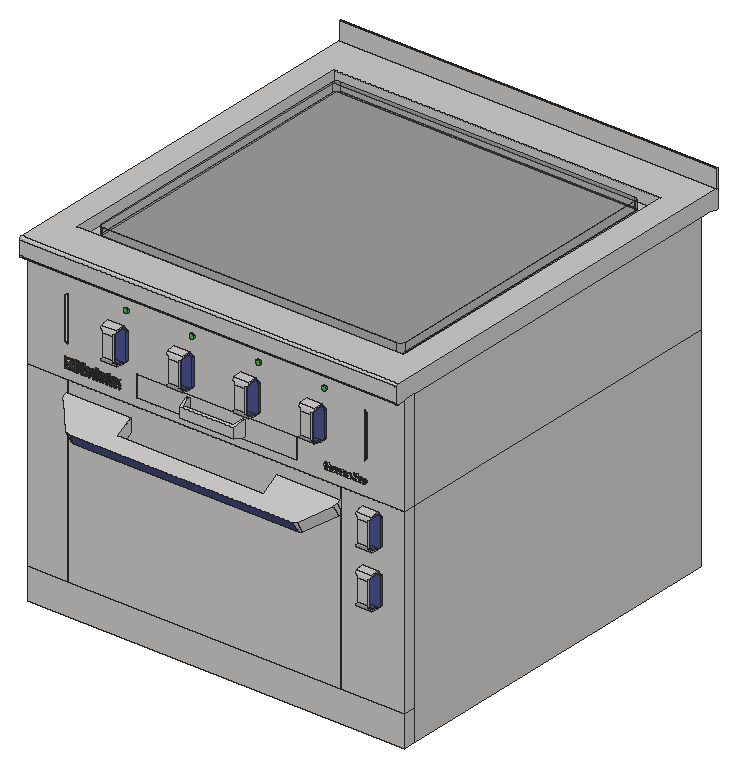
Revit family "QF_ELECTROLUXPROFESSIONAL_588696_MBTGGBH8AO", category Specialty Equipment, Revit 2023
Family settings
  Round Connector Dimension = Use Diameter
  Part Type = Normal
  Work Plane-Based = No
  Enable Cutting in Views = No
  Always vertical = Yes
  Cut with Voids When Loaded = No
  Maintain Annotation Orientation = No
  Shared = No
  Room Calculation Point = No
Parameters (values of type "Standard")
  Weight = 223.00 kg
  Watts = 0 W
  Volts = 400 V
  URL Manufacturer = "http://www.electroluxprofessional.com"
  URL = "http://www.electroluxprofessional.com"
  Steam Supply Size = 0"
  Steam Supply Minimum Pressure = 0.00 psi
  Steam Supply Maximum Pressure = 0.00 psi
  Steam Consumption per Hour = 0
  Refrigeration Suction Line Size = 0 mm
  Refrigeration Liquid Line Size = 0 mm
  Refrigerant Compressor Remote = yes
  Default Elevation = 0 mm
  Phase = 3
  Model = "MBTGGBH8AO"
  Manufacturer = "Electrolux Professional"
  Length Actual = 800 mm
  Item Number = "588696"
  Hot Water Size = 0"
  Height Actual = 700 mm
  HP = "23.2 HP"
  Gas Size = 0"
  Gas KW = 0
  Gas Input Pressure = 0.0 Btu/h
  Direct Waste Size = 0"
  Description = "EL.FREE COOK.ST.OVEN,1S,BS,800X850X700H"
  Depth Actual = 850 mm
  Cycle = 50 Hz
  Condensate Return Size = 0"
  Compressed Air Volume = 0 GPM
  Compressed Air Size = 0"
  Compressed Air Pressure = 0.00 psi
  Cold Water Size = 0"
  Accessory = no
Reference planes
  plane 1 "BACK": y = 50
  plane 2: z = 0
  plane 3 "LEFT": x = 0
  plane 4 "RIGHT": x = 800
  plane 5 "FRONT": y = -800
  plane 6 "TOP": z = 900
  plane 7 "Center (Left/Right)": x = 400
  plane 8: y = -375
  plane 9: z = 200
  plane 10: y = -150
  plane 11 "Panel": y = -755
  plane 12: z = 798
  plane 13: z = 1327
  plane 14: x = 78
  plane 15: x = 722
  plane 16: y = -100
  plane 17: y = -600
  plane 18 "EIx": x = 755
  plane 19 "EIy": y = -585
Forms (mm)
  Extrusion 1, solid, material "QF_Finishes_Stainless Steel"
    sketch origin (-178.969, -4572, 200) x (-1, 0, 0) y (0, -1, 0)
      loop
        line (-178.969, -4577) -> (-178.969, -3817) -> (-978.969, -3817) -> (-978.969, -4577) -> (-178.969, -4577)
    from 450 to 662.969
  Extrusion 2, solid, material "QF_Finishes_Stainless Steel"
    sketch origin (0, 0, 0) x (0, 1, 0) y (0, 0, 1)
      loop
        line (-755, 200) -> (-755, 265) -> (-780, 265) -> (-780, 200) -> (-755, 200)
    from 0 to 800
  Extrusion 3, solid, material "QF_Finishes_Stainless Steel"
    sketch origin (-588.969, -4562, 200) x (-1, 0, 0) y (0, -1, 0)
      loop
        circle (-1343.969, -3977) r 6.35
    from 0 to -11.851
  Extrusion 4, solid, material "QF_Finishes_Stainless Steel"
    sketch origin (400, 296.4, 1219.2) x (0, 1, 0) y (0, 0, 1)
      loop
        line (-246.4, -319.2) -> (-1091.4, -319.2)
        arc (-1091.4, -319.2) -> (-1094.935, -320.664) -> (-1096.4, -324.2) r 5
        line (-1096.4, -324.2) -> (-1096.4, -355.2)
        arc (-1096.4, -355.2) -> (-1094.971, -358.264) -> (-1091.705, -359.139) r 4
        line (-1091.705, -359.139) -> (-1076.4, -356.231) -> (-266.4, -356.231) -> (-251.094, -359.139)
        arc (-251.094, -359.139) -> (-247.829, -358.264) -> (-246.4, -355.2) r 4
        line (-246.4, -355.2) -> (-246.4, -319.2)
    from -400 to 400
  Extrusion 5, solid, material "QF_Finishes_Electrolux_Black Smoke Iluminated"
    sketch origin (0, 0, 900) x (-1, 0, 0) y (0, -1, 0)
      loop
        arc (-88, 59) -> (-80.929, 61.929) -> (-78, 69) r 10
        line (-78, 69) -> (-78, 680)
        arc (-78, 680) -> (-80.929, 687.071) -> (-88, 690) r 10
        line (-88, 690) -> (-712, 690)
        arc (-712, 690) -> (-719.071, 687.071) -> (-722, 680) r 10
        line (-722, 680) -> (-722, 69)
        arc (-722, 69) -> (-719.071, 61.929) -> (-712, 59) r 10
        line (-712, 59) -> (-88, 59)
    from 0 to -20
  Extrusion 6, solid, material "QF_Finishes_Stainless Steel"
    sketch origin (-178.969, -4572, 200) x (-1, 0, 0) y (0, -1, 0)
      loop
        line (-178.969, -4577) -> (-178.969, -3817) -> (-978.969, -3817) -> (-978.969, -4577) -> (-178.969, -4577)
    from 450 to 0
  Extrusion 7, void
    sketch origin (0, 0, 900) x (-1, 0, 0) y (0, -1, 0)
      loop
        line (-53, 715) -> (-747, 715) -> (-747, 34) -> (-53, 34) -> (-53, 715)
    from 0 to -25
  Extrusion 8, solid, material "QF_Finishes_Stainless Steel"
    sketch origin (0, 0, 900) x (-1, 0, 0) y (0, -1, 0)
      loop
        line (-82, 63) -> (-82, 686) -> (-718, 686) -> (-718, 63) -> (-82, 63)
    from -20 to -25
  Extrusion 9, solid, material "QF_Finishes_Stainless Steel"
    sketch origin (400, 296.4, 1219.2) x (0, 1, 0) y (0, 0, 1)
      loop
        line (-249.4, -319.2) -> (-246.4, -319.2) -> (-246.4, -281.2) -> (-249.4, -281.2) -> (-249.4, -319.2)
    from -400 to 400
  Extrusion 10, solid, material "QF_Finishes_Stainless Steel"
    sketch origin (0, 0, 150) x (0, 1, 0) y (0, 0, 1)
      loop
        line (-755, 50) -> (-755, 115) -> (-780, 115) -> (-780, 50) -> (-755, 50)
    from 0 to 800
Cuts and joins
  Extrusion 7 cuts Extrusion 4
Lines and regions (mm)
  symbolic lines
    curve 1: line (0, 50, 200) -> (800, 50, 200)
    curve 2: line (0, -800, 200) -> (0, 50, 200)
    curve 3: line (800, -800, 200) -> (0, -800, 200)
    curve 4: line (800, 50, 200) -> (800, -800, 200)
    curve 5: line (712, -59, 200) -> (88, -59, 200)
    curve 6: line (78, -69, 200) -> (78, -680, 200)
    curve 7: line (88, -690, 200) -> (712, -690, 200)
    curve 8: line (722, -680, 200) -> (722, -69, 200)
    curve 9: arc (88, -59, 200) -> (80.929, -61.929, 200) -> (78, -69, 200) r 10
    curve 10: arc (722, -69, 200) -> (719.071, -61.929, 200) -> (712, -59, 200) r 10
    curve 11: arc (712, -690, 200) -> (719.071, -687.071, 200) -> (722, -680, 200) r 10
    curve 12: arc (78, -680, 200) -> (80.929, -687.071, 200) -> (88, -690, 200) r 10
    curve 13: line (747, -34, 900) -> (53, -34, 900)
    curve 14: line (53, -34, 900) -> (53, -715, 900)
    curve 15: line (747, -715, 900) -> (747, -34, 900)
    curve 16: line (53, -715, 900) -> (747, -715, 900)
    curve 17: line (0, 47, 0) -> (800, 47, 0)
Dimensions and locks
  plane 3 "LEFT" to plane 4 "RIGHT" = 800 mm
  plane 5 "FRONT" to plane 1 "BACK" = 850 mm
  equal spacing: plane 3 "LEFT", plane 7 "Center (Left/Right)", plane 4 "RIGHT"
  equal spacing: plane 5 "FRONT", plane 8, plane 1 "BACK"
  plane 6 "TOP" to level = 900 mm  (x2)
  plane 9 to level = 200 mm
  plane 1 "BACK" to plane 10 to plane 11 "Panel" = 200 mm, 605 mm  (x2)
  plane 6 "TOP" to plane 9 to level = 700 mm, 200 mm
  plane 1 "BACK" to plane 5 "FRONT" = 850 mm
  plane 1 "BACK" to Extrusion 3 = 635 mm
  plane 12 to plane 9 = 598 mm
  plane 13 to plane 6 "TOP" = 427 mm
  plane 6 "TOP" to plane 12 = 102 mm
  plane 14 to plane 3 "LEFT" = 78 mm
  plane 15 to plane 4 "RIGHT" = 78 mm
  locked: plane 1 "BACK" to plane 16 at 150
  locked: plane 16 to plane 17 at 500
  plane 11 "Panel" to plane 5 "FRONT" = 45 mm
  plane 18 "EIx" to plane 4 "RIGHT" = 45 mm
  plane 19 "EIy" to plane 1 "BACK" = 635 mm
  aligned and locked: level to plane 2
  aligned and locked: Extrusion 2 to plane 4 "RIGHT"
  aligned and locked: plane 3 "LEFT" to nested 1
  aligned and locked: nested 1 to nested 4
Automatic sketch dimensions
  Extrusion 3 sketch curve to plane 18 "EIx" = 0 mm
  Extrusion 3 sketch curve to plane 19 "EIy" = 0 mm
  Extrusion 4 sketch curve to plane 5 "FRONT" = 0 mm
  Extrusion 4 sketch curve to plane 6 "TOP" = 0 mm
  Extrusion 4 sketch curve to plane 1 "BACK" = 0 mm
  Extrusion 4 sketch curve to plane 5 "FRONT" = 4 mm
  Extrusion 4 sketch curve to Extrusion 4 sketch curve = 0.695 mm
  Extrusion 4 sketch curve to plane 5 "FRONT" = 5 mm
  Extrusion 4 sketch curve to Extrusion 4 sketch curve = 15.305 mm
  plane 1 "BACK" to Extrusion 4 sketch curve = 20 mm
  plane 1 "BACK" to Extrusion 4 sketch curve = 4.695 mm
  Extrusion 4 sketch curve to Extrusion 4 sketch curve = 4 mm
  Extrusion 4 sketch curve to Extrusion 4 sketch curve = 31 mm
  Extrusion 4 sketch curve to plane 6 "TOP" = 36 mm
  Extrusion 4 sketch curve to Extrusion 4 sketch curve = 2.909 mm
  Extrusion 5 sketch curve to plane 15 = 0 mm
  Extrusion 5 sketch curve to plane 14 = 0 mm
  plane 15 to Extrusion 5 sketch curve = 10 mm  (x2)
  Extrusion 5 sketch curve to Extrusion 5 sketch curve = 10 mm  (x2)
  plane 10 to Extrusion 5 sketch curve = 91 mm
  plane 17 to Extrusion 5 sketch curve = 80 mm
  plane 18 "EIx" to Extrusion 7 sketch curve = 8 mm
  plane 14 to Extrusion 7 sketch curve = 25 mm
  plane 10 to Extrusion 7 sketch curve = 116 mm
  plane 11 "Panel" to Extrusion 7 sketch curve = 40 mm
  Extrusion 8 sketch curve to plane 14 = 4 mm
  plane 15 to Extrusion 8 sketch curve = 4 mm
  plane 17 to Extrusion 8 sketch curve = 86 mm
  plane 10 to Extrusion 8 sketch curve = 87 mm
  plane 18 "EIx" to curve 13 = 8 mm
  plane 14 to curve 14 = 25 mm
  plane 10 to curve 13 = 116 mm
  plane 11 "Panel" to curve 16 = 40 mm
  Extrusion 9 sketch curve to plane 6 "TOP" = 0 mm
  Extrusion 9 sketch curve to plane 1 "BACK" = 0 mm
  Extrusion 9 sketch curve to Extrusion 9 sketch curve = 3 mm
  Extrusion 9 sketch curve to Extrusion 9 sketch curve = 38 mm
  Extrusion 1 sketch curve to plane 4 "RIGHT" = 0 mm
  Extrusion 1 sketch curve to plane 3 "LEFT" = 0 mm
  Extrusion 1 sketch curve to plane 11 "Panel" = 0 mm
  plane 1 "BACK" to Extrusion 1 sketch curve = 45 mm
  Extrusion 2 sketch curve to plane 9 = 0 mm
  Extrusion 2 sketch curve to plane 11 "Panel" = 0 mm
  Extrusion 2 sketch curve to plane 5 "FRONT" = 20 mm
  plane 9 to Extrusion 2 sketch curve = 65 mm
  plane 1 "BACK" to curve 1 = 0 mm
  curve 1 to plane 4 "RIGHT" = 0 mm
  curve 8 to plane 15 = 0 mm
  curve 6 to plane 14 = 0 mm
  curve 2 to plane 3 "LEFT" = 0 mm
  plane 5 "FRONT" to curve 3 = 0 mm
  plane 15 to curve 5 = 10 mm
  curve 11 to curve 11 = 10 mm
  curve 5 to plane 14 = 10 mm
  curve 12 to curve 6 = 10 mm
  plane 10 to curve 5 = 91 mm
  plane 17 to curve 11 = 80 mm
  Extrusion 6 sketch curve to plane 4 "RIGHT" = 0 mm
  Extrusion 6 sketch curve to plane 3 "LEFT" = 0 mm
  Extrusion 6 sketch curve to plane 11 "Panel" = 0 mm
  plane 1 "BACK" to Extrusion 6 sketch curve = 45 mm
  Extrusion 10 sketch curve to plane 11 "Panel" = 0 mm
  Extrusion 10 sketch curve to plane 5 "FRONT" = 20 mm
  plane 9 to Extrusion 10 sketch curve = 0 mm
  Extrusion 10 sketch curve to Extrusion 10 sketch curve = 65 mm
  radius of Extrusion 3 sketch curve = 6.35 mm
Nested families
  nested 1: "Door_Panel_W800_A" at (300, -755, 0), type "Door_Panel_W800_A"
  nested 2: "FIT Range Control Handle" at (730, -783.167, -372.751), type "FIT Range Control Handle"
  nested 3: "FIT Range Control Handle" at (730, -783.167, -484.751), type "FIT Range Control Handle"
  nested 4: "Front_Panel_W800_Four Knobs_Spie" at (202.376, -755, 0), type "Front_Panel_W800_Four Knobs_Spie"
Connectors
  electrical at (755, -585, 188.149)
    settings: on Extrusion 3, index 1, voltage 400 V, apparent load 33000 VA, apparent load phase1 0 VA, apparent load phase2 0 VA, apparent load phase3 0 VA, power factor 1, load classification "Other", number of poles 1, system type 30, power factor state 1, is connector primary yes, connector utility no, sub classification motor no, connector description "ELECTRICAL CONNECTION"
Definition of nested family "Door_Panel_W800_A"
  Parameters
    Default Elevation = 0 mm
  Reference planes
    plane 1 "Center (Front/Back)": y = 0
    plane 2 "Ref. Level": z = 0
    plane 3: x = 500
    plane 4: x = -300
    plane 5 "Center (Left/Right)": x = 100
    plane 6: x = -215
    plane 7: x = 365
    plane 8 "Manopola": through (-6096, -50.059, 612.389) normal (0, -0.515, 0.8572)
    plane 9 "Top": z = 650
    plane 10: z = 265
    plane 11: z = 200
  Forms (mm)
    Extrusion 1, solid
      sketch origin (100, 0, 0) x (0, 1, 0) y (0, 0, 1)
        loop
          line (-25.03, 650) -> (-25.03, 265) -> (0, 265) -> (0, 650) -> (-25.03, 650)
      from 265 to 400
    Extrusion 2, solid
      sketch origin (100, 0, 0) x (0, 1, 0) y (0, 0, 1)
        loop
          line (-25.03, 650) -> (-25.03, 265) -> (0, 265) -> (0, 650) -> (-25.03, 650)
      from -400 to -315
    Extrusion 3, solid
      sketch origin (100, 0, 0) x (0, 1, 0) y (0, 0, 1)
        loop
          line (-25.03, 650) -> (-25.03, 265) -> (0, 265) -> (0, 650) -> (-25.03, 650)
      from -315 to 265
    Extrusion 4, solid
      sketch origin (0, -283.633, 472.044) x (0, 0.857167, 0.515038) y (-1, 0, 0)
        loop
          line (299.12, -365) -> (299.12, 215) -> (290.982, 215)
          arc (290.982, 215) -> (286.677, 214.026) -> (283.211, 211.293) r 10
          line (283.211, 211.293) -> (233.28, 170.86)
          arc (233.28, 170.86) -> (230.548, 167.394) -> (229.574, 163.089) r 10
          line (229.574, 163.089) -> (229.574, -313.089)
          arc (229.574, -313.089) -> (230.548, -317.394) -> (233.28, -320.86) r 10
          line (233.28, -320.86) -> (283.211, -361.293)
          arc (283.211, -361.293) -> (286.677, -364.026) -> (290.982, -365) r 10
          line (290.982, -365) -> (299.12, -365)
      from -27 to 0
    Extrusion 5, void
      sketch origin (100, 0, 0) x (0, 1, 0) y (0, 0, 1)
        loop
          line (-61.514, 605.507) -> (-47.608, 582.363) -> (-25.03, 595.93) -> (-25.03, 627.429) -> (-61.514, 605.507)
      from -180 to 130
    Extrusion 6, solid, detail levels coarse
      sketch origin (100, 0, 0) x (0, 1, 0) y (0, 0, 1)
        loop
          line (-25.03, 265) -> (-25.03, 650)
          arc (-25.03, 650) -> (-297.266, 537.236) -> (-410.03, 265) r 385
          line (-410.03, 265) -> (-25.03, 265)
      from -315 to 265
  Cuts and joins
    Extrusion 5 cuts Extrusion 4
    joined: Extrusion 3, Extrusion 4
  Lines and regions (mm)
    symbolic lines
      curve 1: line (-207.355, -45.043, 0) -> (-170.86, -83.673, 0)
      curve 2: line (-163.089, -86.85, 0) -> (313.089, -86.85, 0)
      curve 3: line (320.86, -83.673, 0) -> (357.355, -45.043, 0)
      curve 4: arc (-163.089, -86.85, 0) -> (-167.318, -86.101, 0) -> (-170.86, -83.673, 0) r 10.165
      curve 5: arc (313.089, -86.85, 0) -> (317.318, -86.101, 0) -> (320.86, -83.673, 0) r 10.165
      curve 6: line (-215, -45.043, 0) -> (-215, -410.03, 0)
      curve 7: line (-215, -410.03, 0) -> (365, -410.03, 0)
      curve 8: line (365, -410.03, 0) -> (365, -45.03, 0)
  Dimensions and locks
    plane 3 to plane 4 = 800 mm
    plane 4 to plane 3 = 800 mm
    equal spacing: plane 3, plane 5 "Center (Left/Right)", plane 4
    plane 6 to plane 4 = 85 mm
    plane 3 to plane 7 = 135 mm
    plane 11 to level = 200 mm
    plane 10 to plane 11 = 65 mm
    plane 10 to plane 9 "Top" = 385 mm
    plane 9 "Top" to plane 11 = 450 mm
    aligned and locked: plane 3 to Extrusion 1
    aligned and locked: cut or joined group of Extrusion 3, Extrusion 4, Extrusion 5 to plane 6
    aligned and locked: cut or joined group of Extrusion 3, Extrusion 4, Extrusion 5 to plane 7
    aligned and locked: plane 7 to Extrusion 1
    aligned and locked: plane 6 to Extrusion 2
    aligned and locked: Extrusion 2 to plane 4
    aligned and locked: plane 10 to Extrusion 2
    aligned and locked: plane 10 to cut or joined group of Extrusion 3, Extrusion 4, Extrusion 5
    aligned and locked: plane 10 to Extrusion 1
    aligned and locked: Extrusion 6 to plane 6
    aligned and locked: Extrusion 6 to plane 7
  Automatic sketch dimensions
    Extrusion 5 sketch curve to plane 8 "Manopola" = 0 mm  (x2)
    plane 1 "Center (Front/Back)" to Extrusion 5 sketch curve = 61.514 mm
    Extrusion 5 sketch curve to Extrusion 5 sketch curve = 13.906 mm
    plane 1 "Center (Front/Back)" to Extrusion 5 sketch curve = 25.03 mm
    Extrusion 4 sketch curve to plane 7 = 0 mm
    Extrusion 4 sketch curve to plane 6 = 0 mm
    plane 6 to Extrusion 4 sketch curve = 51.911 mm
    plane 7 to Extrusion 4 sketch curve = 44.14 mm
    Extrusion 4 sketch curve to Extrusion 4 sketch curve = 3.707 mm  (x2)
    plane 6 to Extrusion 4 sketch curve = 44.14 mm
    plane 7 to Extrusion 4 sketch curve = 3.707 mm
    Extrusion 4 sketch curve to Extrusion 4 sketch curve = 49.93 mm  (x2)
    plane 6 to Extrusion 4 sketch curve = 3.707 mm
    Extrusion 4 sketch curve to Extrusion 4 sketch curve = 7.771 mm  (x3)
    Extrusion 4 sketch curve to Extrusion 4 sketch curve = 8.138 mm
    Extrusion 2 sketch curve to plane 1 "Center (Front/Back)" = 0 mm
    Extrusion 3 sketch curve to plane 1 "Center (Front/Back)" = 0 mm
    Extrusion 1 sketch curve to plane 1 "Center (Front/Back)" = 0 mm
    Extrusion 2 sketch curve to plane 9 "Top" = 0 mm
    Extrusion 2 sketch curve to Extrusion 2 sketch curve = 25.03 mm
    Extrusion 3 sketch curve to plane 9 "Top" = 0 mm
    Extrusion 3 sketch curve to Extrusion 3 sketch curve = 25.03 mm
    Extrusion 1 sketch curve to plane 9 "Top" = 0 mm
    plane 1 "Center (Front/Back)" to Extrusion 1 sketch curve = 25.03 mm
    level to Extrusion 1 sketch curve = 265 mm
    level to Extrusion 2 sketch curve = 265 mm
    level to Extrusion 3 sketch curve = 265 mm
    plane 10 to Extrusion 6 sketch curve = 0 mm
    Extrusion 6 sketch curve to plane 9 "Top" = 0 mm
    plane 1 "Center (Front/Back)" to Extrusion 6 sketch curve = 25.03 mm
    curve 7 to plane 7 = 0 mm
    plane 6 to curve 1 = 44.14 mm
    curve 4 to curve 4 = 7.389 mm
    curve 4 to curve 2 = 7.771 mm
    plane 7 to curve 2 = 51.911 mm
    curve 2 to curve 5 = 0.382 mm
    curve 2 to curve 3 = 7.771 mm
    plane 1 "Center (Front/Back)" to curve 6 = 410.03 mm
    plane 1 "Center (Front/Back)" to curve 2 = 86.85 mm
    curve 2 to curve 3 = 3.177 mm
    curve 2 to curve 1 = 3.177 mm
    plane 7 to curve 3 = 7.645 mm
    plane 1 "Center (Front/Back)" to curve 3 = 45.043 mm
    curve 3 to curve 8 = 0.013 mm
    curve 7 to plane 6 = 0 mm
    curve 6 to curve 1 = 7.645 mm
    plane 1 "Center (Front/Back)" to curve 1 = 45.043 mm
    curve 6 to curve 1 = 0 mm
Definition of nested family "FIT Range Control Handle"
  Parameters
    Default Elevation = 0 mm
  Reference planes
    plane 1 "Center (Front/Back)": y = 0
    plane 2: z = 0
    plane 3 "Center (Left/Right)": x = 0
    plane 4: z = 971.092
    plane 5: y = -16.8
  Forms (mm)
    Extrusion 1, solid
      sketch origin (-746.28, 380.497, 208.931) x (-1, 0, 0) y (0, 0, 1)
        loop
          line (-770.101, 786.798) -> (-770.101, 731.649)
          arc (-770.101, 731.649) -> (-769.759, 730.563) -> (-768.855, 729.87) r 1.893
          line (-768.855, 729.87) -> (-763.474, 727.911) -> (-729.81, 727.911) -> (-724.428, 729.87)
          arc (-724.428, 729.87) -> (-723.525, 730.563) -> (-723.183, 731.649) r 1.893
          line (-723.183, 731.649) -> (-723.183, 786.798)
          arc (-723.183, 786.798) -> (-723.529, 787.894) -> (-724.44, 788.593) r 1.91
          line (-724.44, 788.593) -> (-729.683, 790.819) -> (-763.601, 790.819) -> (-768.844, 788.593)
          arc (-768.844, 788.593) -> (-769.755, 787.894) -> (-770.101, 786.798) r 1.91
      from -382.35 to -378.852
    Sweep 2, solid
      path origin (-746.788, 380.496, 208.091) x (0, -1, 0) y (0, 0, 1)
        loop
          line (379.775, 793.281) -> (395.661, 791.048)
          arc (395.661, 791.048) -> (397.781, 787.377) -> (398.517, 783.202) r 12.207
          line (398.517, 783.202) -> (398.517, 737.368)
          arc (398.517, 737.368) -> (397.781, 733.193) -> (395.661, 729.522) r 12.207
          line (395.661, 729.522) -> (379.775, 727.289)
      profile origin (-746.788, -7.222, 1000.256) x (0, -0.139173, 0.990268) y (-1, 0, 0)
        loop
          line (0.782, -763.123) -> (0.782, -730.907) -> (-1.322, -730.907) -> (-1.322, -763.123) -> (0.782, -763.123)
    Sweep 3, solid
      path origin (-746.788, 380.715, 207.832) x (0, -1, 0) y (0, 0, 1)
        loop
          line (380.478, 795.442) -> (397.218, 793.09)
          arc (397.218, 793.09) -> (399.929, 788.473) -> (400.871, 783.202) r 15.207
          line (400.871, 783.202) -> (400.871, 737.584)
          arc (400.871, 737.584) -> (399.914, 732.274) -> (397.164, 727.633) r 15.207
          line (397.164, 727.633) -> (380.601, 725.305)
      profile origin (-746.788, -8.132, 1002.099) x (0, -0.139173, 0.990268) y (-1, 0, 0)
        loop
          line (0.782, -763.123) -> (0.782, -730.907) -> (-1.322, -730.907) -> (-1.322, -763.123) -> (0.782, -763.123)
    Extrusion 4, void
      sketch origin (889.253, 220.666, 207.993) x (1, 0, 0) y (0, 0, 1)
        loop
          line (-943.038, 816.854) -> (-943.038, 703.686) -> (-899.466, 734.196) -> (-899.466, 786.344) -> (-943.038, 816.854)
      from 230.636 to 242.25
    Extrusion 5, void
      sketch origin (-888.8, 220.666, 207.993) x (-1, 0, 0) y (0, 0, -1)
        loop
          line (-943.038, -816.854) -> (-899.466, -786.344) -> (-899.466, -734.196) -> (-943.038, -703.686) -> (-943.038, -816.854)
      from 230.636 to 242.25
    Extrusion 6, solid
      sketch origin (0, 0, 0) x (1, 0, 0) y (0, 0, 1)
        loop
          circle (0, 971.092) r 7.736
      from -3.137 to -1.645
  Cuts and joins
    Extrusion 4, Extrusion 5 cuts Sweep 3
    Extrusion 4, Extrusion 5 cuts Sweep 2
    joined: Extrusion 1, Extrusion 6
  Lines and regions (mm)
    symbolic lines
      curve 1: line (-15.881, -19.189, 0) -> (-15.881, -16.8, 0)
      curve 2: line (16.334, -19.189, 0) -> (16.334, -16.8, 0)
      curve 3: spline (-15.881, -19.189, 0) -> (-15.417, -19.349, 0) -> (-14.951, -19.501, 0) -> (-14.483, -19.646, 0) -> (-14.014, -19.783, 0) -> (-13.543, -19.912, 0) -> (-13.071, -20.033, 0) -> (-12.597, -20.146, 0) -> (-12.122, -20.251, 0) -> (-11.646, -20.349, 0) -> (-11.169, -20.438, 0) -> (-10.691, -20.52, 0) -> (-10.213, -20.593, 0)
      curve 4: spline (10.666, -20.593, 0) -> (11.144, -20.52, 0) -> (11.622, -20.438, 0) -> (12.099, -20.349, 0) -> (12.575, -20.251, 0) -> (13.05, -20.146, 0) -> (13.524, -20.033, 0) -> (13.996, -19.912, 0) -> (14.467, -19.783, 0) -> (14.936, -19.646, 0) -> (15.404, -19.501, 0) -> (15.87, -19.349, 0) -> (16.334, -19.189, 0)
      curve 5: line (-10.213, -20.938, 0) -> (10.716, -20.938, 0)
  Dimensions and locks
    cut or joined group of Sweep 3, Extrusion 4, Extrusion 5 to cut or joined group of Sweep 3, Extrusion 4, Extrusion 5 = 71.686 mm
Definition of nested family "Front_Panel_W800_Four Knobs_Spie"
  Parameters
    Default Elevation = 0 mm
  Reference planes
    plane 1 "Center (Front/Back)": y = 0
    plane 2: z = 0
    plane 3 "Center (Left/Right)": x = 197.624
    plane 4 "Left": x = -202.376
    plane 5 "Right": x = 597.624
    plane 6: y = -45
    plane 7: x = -12.376
    plane 8: x = 127.624
    plane 9: y = -310
    plane 10 "Panel": y = -25
    plane 11: x = 517.624
    plane 12: x = -122.376
  Forms (mm)
    Extrusion 1, solid
      sketch origin (833.217, 829.203, -1.25) x (0, 1, 0) y (0, 0, 1)
        loop
          line (-854.203, 651.25) -> (-829.203, 651.25) -> (-829.203, 864.25) -> (-854.203, 864.25) -> (-854.203, 651.25)
      from -1035.593 to -235.593
    Extrusion 2, void
      sketch origin (0, -25, -10) x (0, 0, 1) y (-1, 0, 0)
        loop
          line (731.866, 122.376) -> (726.866, 117.376) -> (823.866, 117.376) -> (818.866, 122.376) -> (731.866, 122.376)
        loop
          line (731.866, -517.624) -> (818.866, -517.624) -> (823.866, -512.624) -> (726.866, -512.624) -> (731.866, -517.624)
      from 0 to -2
    Extrusion 3, void
      sketch origin (0, 0, 0) x (1, 0, 0) y (0, 0, 1)
        loop
          line (30.124, 711.866) -> (30.124, 666.866) -> (370.124, 666.866) -> (370.124, 711.866) -> (30.124, 711.866)
      from 19.387 to 25
    Extrusion 4, solid
      sketch origin (0, 0, 0) x (1, 0, 0) y (0, 0, 1)
        loop
          line (31.124, 710.866) -> (31.124, 667.866) -> (369.124, 667.866) -> (369.124, 710.866) -> (31.124, 710.866)
      from 19.387 to 25
    Extrusion 5, solid
      sketch origin (0, 0, 0) x (1, 0, 0) y (0, 1, 0)
        loop
          line (141.059, -25) -> (135.966, -25) -> (140.646, -49.075) -> (254.603, -49.075) -> (259.283, -25) -> (254.189, -25) -> (250.481, -44.075) -> (144.767, -44.075) -> (141.059, -25)
      from 672.593 to 705.67
    Extrusion 6, void
      sketch origin (197.624, 0, 0) x (0, 1, 0) y (0, 0, 1)
        loop
          line (-30, 705.67) -> (-30, 710.67) -> (-56.744, 710.67) -> (-56.744, 667.593) -> (-30, 667.593) -> (-30, 672.593) -> (-53.776, 680.318) -> (-53.776, 697.945) -> (-30, 705.67)
      from -70 to 70
    Extrusion 7, solid, detail levels coarse
      sketch origin (0, -265, 0) x (1, 0, 0) y (0, 1, 0)
        loop
          line (140.646, -69.075) -> (254.603, -69.075) -> (259.283, -45) -> (364.124, -45) -> (364.124, 240) -> (31.124, 240) -> (31.124, -45) -> (135.966, -45) -> (140.646, -69.075)
      from 672.593 to 705.67
    Extrusion 8, void
      sketch origin (197.624, -280, 0) x (0, 1, 0) y (0, 0, 1)
        loop
          line (-30, 705.67) -> (-30, 710.67) -> (-56.744, 710.67) -> (-56.744, 667.593) -> (-30, 667.593) -> (-30, 672.593) -> (-53.776, 680.318) -> (-53.776, 697.945) -> (-30, 705.67)
      from -70 to 70
    Extrusion 9, solid
      sketch origin (20, -25, 1.163) x (0, 0, 1) y (-1, 0, 0)
        loop
          circle (824.337, 12.376) r 5
      from 0 to 1.7
    Extrusion 10, solid
      sketch origin (160, -25, 1.163) x (0, 0, 1) y (-1, 0, 0)
        loop
          circle (824.337, 12.376) r 5
      from 0 to 1.7
    Extrusion 11, solid
      sketch origin (300.724, -25, 1.163) x (0, 0, 1) y (-1, 0, 0)
        loop
          circle (824.337, 12.376) r 5
      from 0 to 1.7
    Extrusion 12, solid
      sketch origin (440.724, -25, 1.163) x (0, 0, 1) y (-1, 0, 0)
        loop
          circle (824.337, 12.376) r 5
      from 0 to 1.7
    Extrusion 13, solid
      sketch origin (0, -25, -10) x (0, 0, 1) y (-1, 0, 0)
        loop
          line (731.866, 122.376) -> (726.866, 117.376) -> (823.866, 117.376) -> (818.866, 122.376) -> (731.866, 122.376)
        loop
          line (726.866, -512.624) -> (731.866, -517.624) -> (818.866, -517.624) -> (823.866, -512.624) -> (726.866, -512.624)
      from 0 to -2
  Cuts and joins
    Extrusion 2, Extrusion 3 cuts Extrusion 1
    Extrusion 6, Extrusion 8 cuts Extrusion 5
    Extrusion 8 cuts Extrusion 7
  Lines and regions (mm)
    symbolic lines
      curve 1: line (31.124, -45, 0) -> (31.124, -310, 0)
      curve 2: line (31.124, -310, 0) -> (364.124, -310, 0)
      curve 3: line (135.966, -310, 0) -> (140.646, -334.075, 0)
      curve 4: line (140.646, -334.075, 0) -> (254.603, -334.075, 0)
      curve 5: line (254.603, -334.075, 0) -> (259.283, -310, 0)
      curve 6: line (364.124, -310, 0) -> (364.124, -45, 0)
      curve 7: line (31.124, -300, 0) -> (364.124, -300, 0)
      curve 8: line (140.874, -309.046, 0) -> (144.767, -329.075, 0)
      curve 9: line (144.767, -329.075, 0) -> (250.481, -329.075, 0)
      curve 10: line (250.481, -329.075, 0) -> (254.375, -309.046, 0)
  Dimensions and locks
    equal spacing: plane 5 "Right", plane 3 "Center (Left/Right)", plane 4 "Left"
    plane 5 "Right" to plane 4 "Left" = 800 mm
    plane 3 "Center (Left/Right)" to plane 7 = 210 mm
    plane 3 "Center (Left/Right)" to plane 8 = 70 mm
    plane 6 to plane 9 = 265 mm
    aligned and locked: cut or joined group of Extrusion 1, Extrusion 2, Extrusion 3 to plane 4 "Left"
    aligned and locked: plane 5 "Right" to cut or joined group of Extrusion 1, Extrusion 2, Extrusion 3
  Automatic sketch dimensions
    plane 6 to curve 1 = 0 mm
    curve 1 to plane 9 = 0 mm
    plane 6 to curve 6 = 0 mm
    plane 7 to curve 1 = 43.5 mm
    plane 8 to curve 3 = 13.021 mm
    curve 3 to curve 8 = 4.122 mm
    curve 10 to plane 9 = 19.075 mm
    plane 3 "Center (Left/Right)" to curve 10 = 52.857 mm
    curve 5 to plane 9 = 24.075 mm
    curve 9 to curve 5 = 4.122 mm
    curve 4 to curve 2 = 109.521 mm
    plane 8 to curve 3 = 8.342 mm
    plane 9 to curve 8 = 0.954 mm
    curve 3 to curve 8 = 4.908 mm
    plane 9 to curve 10 = 0.954 mm
    curve 9 to curve 10 = 3.893 mm
    curve 10 to curve 5 = 4.908 mm
    plane 9 to curve 7 = 10 mm
    Extrusion 1 sketch curve to plane 10 "Panel" = 0 mm
    Extrusion 1 sketch curve to plane 1 "Center (Front/Back)" = 0 mm
    Extrusion 2 sketch curve to plane 12 = 0 mm
    Extrusion 2 sketch curve to plane 11 = 0 mm
    Extrusion 2 sketch curve to plane 11 = 5 mm
    plane 12 to Extrusion 2 sketch curve = 5 mm
    Extrusion 2 sketch curve to Extrusion 2 sketch curve = 5 mm  (x4)
    plane 7 to Extrusion 3 sketch curve = 42.5 mm
    Extrusion 3 sketch curve to plane 11 = 147.5 mm
    Extrusion 3 sketch curve to Extrusion 3 sketch curve = 45 mm
    plane 7 to Extrusion 4 sketch curve = 43.5 mm
    Extrusion 4 sketch curve to plane 11 = 148.5 mm
    Extrusion 4 sketch curve to Extrusion 4 sketch curve = 43 mm
    plane 10 "Panel" to Extrusion 5 sketch curve = 0 mm  (x2)
    plane 8 to Extrusion 5 sketch curve = 8.342 mm
    plane 6 to Extrusion 5 sketch curve = 4.075 mm
    plane 8 to Extrusion 5 sketch curve = 13.021 mm
    Extrusion 5 sketch curve to Extrusion 5 sketch curve = 5.094 mm  (x2)
    Extrusion 5 sketch curve to plane 6 = 0.925 mm
    Extrusion 5 sketch curve to Extrusion 5 sketch curve = 4.122 mm  (x2)
    plane 3 "Center (Left/Right)" to Extrusion 5 sketch curve = 52.857 mm
    Extrusion 5 sketch curve to Extrusion 5 sketch curve = 3.708 mm
    plane 6 to Extrusion 6 sketch curve = 11.744 mm
    plane 6 to Extrusion 6 sketch curve = 8.776 mm
    plane 10 "Panel" to Extrusion 6 sketch curve = 5 mm  (x2)
    Extrusion 6 sketch curve to Extrusion 6 sketch curve = 5 mm
    Extrusion 6 sketch curve to Extrusion 6 sketch curve = 12.725 mm  (x2)
    Extrusion 6 sketch curve to Extrusion 6 sketch curve = 17.627 mm
    Extrusion 6 sketch curve to Extrusion 6 sketch curve = 7.725 mm
    plane 10 "Panel" to Extrusion 7 sketch curve = 0 mm
    Extrusion 7 sketch curve to plane 9 = 0 mm  (x2)
    plane 7 to Extrusion 7 sketch curve = 43.5 mm
    plane 8 to Extrusion 7 sketch curve = 8.342 mm
    plane 8 to Extrusion 7 sketch curve = 13.021 mm
    Extrusion 7 sketch curve to plane 9 = 24.075 mm
    plane 3 "Center (Left/Right)" to Extrusion 7 sketch curve = 56.979 mm
    Extrusion 7 sketch curve to Extrusion 7 sketch curve = 4.68 mm
    Extrusion 7 sketch curve to Extrusion 7 sketch curve = 104.842 mm
    Extrusion 8 sketch curve to plane 9 = 26.744 mm
    Extrusion 8 sketch curve to plane 9 = 23.776 mm
    plane 9 to Extrusion 8 sketch curve = 0 mm  (x2)
    Extrusion 8 sketch curve to Extrusion 8 sketch curve = 5 mm
    Extrusion 8 sketch curve to Extrusion 8 sketch curve = 12.725 mm  (x2)
    Extrusion 8 sketch curve to Extrusion 8 sketch curve = 17.627 mm
    Extrusion 8 sketch curve to Extrusion 8 sketch curve = 7.725 mm
    plane 7 to Extrusion 9 sketch curve = 20 mm
    plane 8 to Extrusion 10 sketch curve = 20 mm
    plane 3 "Center (Left/Right)" to Extrusion 11 sketch curve = 90.724 mm
    Extrusion 12 sketch curve to plane 11 = 89.276 mm
    Extrusion 13 sketch curve to plane 12 = 0 mm
    Extrusion 13 sketch curve to plane 11 = 0 mm
    plane 12 to Extrusion 13 sketch curve = 5 mm
    Extrusion 13 sketch curve to Extrusion 13 sketch curve = 5 mm  (x4)
    Extrusion 13 sketch curve to plane 11 = 5 mm
    level to Extrusion 1 sketch curve = 650 mm
    Extrusion 1 sketch curve to Extrusion 1 sketch curve = 213 mm
    level to Extrusion 2 sketch curve = 716.866 mm
    Extrusion 2 sketch curve to Extrusion 2 sketch curve = 0 mm
    Extrusion 2 sketch curve to Extrusion 2 sketch curve = 87 mm  (x2)
    level to Extrusion 3 sketch curve = 666.866 mm
    level to Extrusion 4 sketch curve = 667.866 mm
    level to Extrusion 6 sketch curve = 667.593 mm
    level to Extrusion 8 sketch curve = 667.593 mm
    level to Extrusion 9 sketch curve = 825.5 mm
    level to Extrusion 10 sketch curve = 825.5 mm
    level to Extrusion 11 sketch curve = 825.5 mm
    level to Extrusion 12 sketch curve = 825.5 mm
    level to Extrusion 13 sketch curve = 716.866 mm
    Extrusion 13 sketch curve to Extrusion 13 sketch curve = 0 mm
    Extrusion 13 sketch curve to Extrusion 13 sketch curve = 87 mm  (x2)
    radius of Extrusion 9 sketch curve = 5 mm
    radius of Extrusion 10 sketch curve = 5 mm
    radius of Extrusion 11 sketch curve = 5 mm
    radius of Extrusion 12 sketch curve = 5 mm
  Nested families
    nested 1: "Range Control Handle" at (-12.376, -28.137, -209.113) x (-1, 0, 0) z (0, 0, 1), type "Range Control Handle"
    nested 2: "Range Control Handle" at (127.624, -28.137, -209.113) x (-1, 0, 0) z (0, 0, 1), type "Range Control Handle"
    nested 3: "Range Control Handle" at (407.624, -28.137, -209.113), type "Range Control Handle"
    nested 4: "Range Control Handle" at (267.624, -28.137, -209.113), type "Range Control Handle"
    nested 5: "ELX_ThermaLine_Small" at (468.838, -25, 679.426) x (1, 0, 0) z (0, -1, 0), type "ELX_ThermaLine_Small"
      with Show Logo yes, Material_Logo none
    nested 6: "ELX_Professional_Logo_Small" at (-62.89, -25, 681.659) x (1, 0, 0) z (0, -1, 0), type "ELX_Professional_Logo_Small"
      with Show Logo yes, Material_Logo none
  Definition of nested family "Range Control Handle"
    Parameters
      Default Elevation = 0 mm
    Reference planes
      plane 1 "Center (Front/Back)": y = 0
      plane 2: z = 0
      plane 3 "Center (Left/Right)": x = 0
      plane 4: z = 971.092
      plane 5: y = -16.9
    Forms (mm)
      Extrusion 1, solid
        sketch origin (-746.28, 380.497, 208.931) x (-1, 0, 0) y (0, 0, 1)
          loop
            line (-770.101, 786.798) -> (-770.101, 731.649)
            arc (-770.101, 731.649) -> (-769.759, 730.563) -> (-768.855, 729.87) r 1.893
            line (-768.855, 729.87) -> (-763.474, 727.911) -> (-729.81, 727.911) -> (-724.428, 729.87)
            arc (-724.428, 729.87) -> (-723.525, 730.563) -> (-723.183, 731.649) r 1.893
            line (-723.183, 731.649) -> (-723.183, 786.798)
            arc (-723.183, 786.798) -> (-723.529, 787.894) -> (-724.44, 788.593) r 1.91
            line (-724.44, 788.593) -> (-729.683, 790.819) -> (-763.601, 790.819) -> (-768.844, 788.593)
            arc (-768.844, 788.593) -> (-769.755, 787.894) -> (-770.101, 786.798) r 1.91
        from -382.35 to -378.852
      Sweep 2, solid
        path origin (-746.788, 380.496, 208.091) x (0, -1, 0) y (0, 0, 1)
          loop
            line (379.775, 793.281) -> (395.661, 791.048)
            arc (395.661, 791.048) -> (397.781, 787.377) -> (398.517, 783.202) r 12.207
            line (398.517, 783.202) -> (398.517, 737.368)
            arc (398.517, 737.368) -> (397.781, 733.193) -> (395.661, 729.522) r 12.207
            line (395.661, 729.522) -> (379.775, 727.289)
        profile origin (-746.788, -7.222, 1000.256) x (0, -0.139173, 0.990268) y (-1, 0, 0)
          loop
            line (0.782, -763.123) -> (0.782, -730.907) -> (-1.322, -730.907) -> (-1.322, -763.123) -> (0.782, -763.123)
      Sweep 3, solid
        path origin (-746.788, 380.715, 207.832) x (0, -1, 0) y (0, 0, 1)
          loop
            line (380.478, 795.442) -> (397.218, 793.09)
            arc (397.218, 793.09) -> (399.929, 788.473) -> (400.871, 783.202) r 15.207
            line (400.871, 783.202) -> (400.871, 737.584)
            arc (400.871, 737.584) -> (399.914, 732.274) -> (397.164, 727.633) r 15.207
            line (397.164, 727.633) -> (380.601, 725.305)
        profile origin (-746.788, -8.132, 1002.099) x (0, -0.139173, 0.990268) y (-1, 0, 0)
          loop
            line (0.782, -763.123) -> (0.782, -730.907) -> (-1.322, -730.907) -> (-1.322, -763.123) -> (0.782, -763.123)
      Extrusion 4, void
        sketch origin (889.253, 220.666, 207.993) x (1, 0, 0) y (0, 0, 1)
          loop
            line (-943.038, 816.854) -> (-943.038, 703.686) -> (-899.466, 734.196) -> (-899.466, 786.344) -> (-943.038, 816.854)
        from 230.636 to 242.25
      Extrusion 5, void
        sketch origin (-888.8, 220.666, 207.993) x (-1, 0, 0) y (0, 0, -1)
          loop
            line (-943.038, -816.854) -> (-899.466, -786.344) -> (-899.466, -734.196) -> (-943.038, -703.686) -> (-943.038, -816.854)
        from 230.636 to 242.25
      Extrusion 6, solid
        sketch origin (0, 0, 0) x (1, 0, 0) y (0, 0, 1)
          loop
            circle (0, 971.092) r 7.736
        from -3.137 to -1.645
    Cuts and joins
      Extrusion 4, Extrusion 5 cuts Sweep 3
      Extrusion 4, Extrusion 5 cuts Sweep 2
      joined: Extrusion 1, Extrusion 6
    Lines and regions (mm)
      symbolic lines
        curve 1: line (16.334, -16.9, 0) -> (16.334, -19.227, 0)
        curve 2: spline (16.334, -19.227, 0) -> (15.87, -19.385, 0) -> (15.404, -19.536, 0) -> (14.936, -19.678, 0) -> (14.466, -19.813, 0) -> (13.995, -19.94, 0) -> (13.523, -20.059, 0) -> (13.049, -20.171, 0) -> (12.575, -20.274, 0) -> (12.099, -20.37, 0) -> (11.622, -20.458, 0) -> (11.144, -20.537, 0) -> (10.666, -20.609, 0)
        curve 3: line (10.666, -16.9, 0) -> (10.666, -20.938, 0)
        curve 4: line (-10.213, -20.938, 0) -> (10.666, -20.938, 0)
        curve 5: line (-10.213, -20.938, 0) -> (-10.213, -16.9, 0)
        curve 6: spline (-10.213, -20.609, 0) -> (-10.691, -20.537, 0) -> (-11.169, -20.458, 0) -> (-11.646, -20.37, 0) -> (-12.122, -20.274, 0) -> (-12.597, -20.171, 0) -> (-13.07, -20.059, 0) -> (-13.542, -19.94, 0) -> (-14.013, -19.813, 0) -> (-14.483, -19.678, 0) -> (-14.951, -19.536, 0) -> (-15.417, -19.385, 0) -> (-15.881, -19.227, 0)
        curve 7: line (-15.881, -19.227, 0) -> (-15.881, -16.9, 0)
  Definition of nested family "ELX_ThermaLine_Small"
    Parameters
      Show Logo [instance] = yes
      Material_Logo [instance] = none
      Default Elevation = 0 mm
    Reference planes
      plane 1 "Centro (Fronte/Retro)": y = 0
      plane 2: z = 0
      plane 3 "Centro (Sinistra/Destra)": x = 0
    Forms (mm)
      Extrusion 1, solid
        sketch origin (0, 0, 0) x (1, 0, 0) y (0, 1, 0)
          loop
            line (-1219.2, 1219.2) -> (-1219.2, -1219.2) -> (1219.2, -1219.2) -> (1219.2, 1219.2) -> (-1219.2, 1219.2)
        from 0 to -304.8
      Extrusion 2, solid
        sketch origin (0, 0, 0) x (1, 0, 0) y (0, 1, 0)
          loop
            line (-37.494, 1.229) -> (-35.908, 1.229) -> (-35.908, 3.066) -> (-37.494, 3.066) -> (-37.494, 6.221) -> (-39.867, 4.881) -> (-39.867, 3.066) -> (-40.969, 3.066) -> (-40.969, 1.229) -> (-39.867, 1.229) -> (-39.867, -3.407)
            arc (-39.867, -3.407) -> (-38.982, -5.513) -> (-36.751, -6.001) r 2.478
            line (-36.751, -6.001) -> (-35.638, -5.7) -> (-35.9, -3.835) -> (-36.661, -4.039)
            arc (-36.661, -4.039) -> (-37.236, -3.924) -> (-37.494, -3.399) r 0.662
            line (-37.494, -3.399) -> (-37.494, 1.229)
          loop
            line (-34.242, 6.539) -> (-34.242, -5.848) -> (-31.854, -5.848) -> (-31.854, -0.078)
            arc (-31.854, -0.078) -> (-30.939, 1.249) -> (-29.33, 1.367) r 1.866
            arc (-29.33, 1.367) -> (-28.695, 0.768) -> (-28.461, -0.073) r 1.627
            line (-28.461, -0.073) -> (-28.461, -5.848) -> (-26.086, -5.848) -> (-26.064, -0.46)
            arc (-26.064, -0.46) -> (-26.261, 0.932) -> (-26.786, 2.237) r 5.825
            arc (-26.786, 2.237) -> (-29.381, 3.264) -> (-31.854, 1.971) r 3.353
            line (-31.854, 1.971) -> (-31.854, 6.539) -> (-34.242, 6.539)
          loop
            arc (-18.398, -0.598) -> (-18.893, 0.879) -> (-20.326, 1.487) r 1.897
            arc (-20.326, 1.487) -> (-21.461, 0.708) -> (-21.897, -0.598) r 2.164
            line (-21.897, -0.598) -> (-18.398, -0.598)
          loop
            arc (-16.021, -2.044) -> (-16.754, 1.227) -> (-19.444, 3.226) r 4.814
            arc (-19.444, 3.226) -> (-22.137, 2.788) -> (-23.943, 0.743) r 4.054
            arc (-23.943, 0.743) -> (-24.382, -1.249) -> (-24.162, -3.276) r 6.289
            arc (-24.162, -3.276) -> (-23.302, -4.71) -> (-21.958, -5.705) r 4.28
            arc (-21.958, -5.705) -> (-18.558, -5.814) -> (-16.152, -3.409) r 4.28
            line (-16.152, -3.409) -> (-18.5, -2.995)
            arc (-18.5, -2.995) -> (-19.273, -3.994) -> (-20.533, -4.076) r 1.536
            arc (-20.533, -4.076) -> (-21.56, -3.281) -> (-21.958, -2.044) r 2.197
            line (-21.958, -2.044) -> (-16.021, -2.044)
          loop
            line (-14.165, -5.848) -> (-11.819, -5.848) -> (-11.819, -2.138)
            arc (-11.819, -2.138) -> (-11.787, -1.156) -> (-11.637, -0.185) r 8.18
            arc (-11.637, -0.185) -> (-10.644, 0.972) -> (-9.132, 0.776) r 1.603
            line (-9.132, 0.776) -> (-8.419, 2.846)
            arc (-8.419, 2.846) -> (-10.432, 3.118) -> (-11.994, 1.821) r 2.527
            line (-11.994, 1.821) -> (-11.994, 3.094) -> (-14.165, 3.094) -> (-14.165, -5.848)
          loop
            line (-7.579, 3.094) -> (-7.579, -5.848) -> (-5.178, -5.848) -> (-5.178, -0.756)
            arc (-5.178, -0.756) -> (-4.727, 0.679) -> (-3.417, 1.419) r 2.05
            arc (-3.417, 1.419) -> (-2.499, 0.908) -> (-2.155, -0.085) r 1.471
            line (-2.155, -0.085) -> (-2.155, -5.848) -> (0.23, -5.848) -> (0.23, -1.001)
            arc (0.23, -1.001) -> (0.47, 0.127) -> (1.148, 1.061) r 2.775
            arc (1.148, 1.061) -> (2.225, 1.329) -> (3.05, 0.587) r 1.182
            arc (3.05, 0.587) -> (3.199, -0.019) -> (3.214, -0.642) r 2.894
            line (3.214, -0.642) -> (3.214, -5.848) -> (5.601, -5.848) -> (5.601, 0.261)
            arc (5.601, 0.261) -> (4.87, 2.263) -> (2.976, 3.241) r 2.932
            arc (2.976, 3.241) -> (1.284, 2.973) -> (-0.047, 1.896) r 3.309
            arc (-0.047, 1.896) -> (-1.116, 2.865) -> (-2.506, 3.258) r 3.16
            arc (-2.506, 3.258) -> (-4.105, 2.942) -> (-5.376, 1.92) r 3.419
            line (-5.376, 1.92) -> (-5.376, 3.094) -> (-7.579, 3.094)
          loop
            line (7.583, 0.738) -> (9.702, 0.364)
            arc (9.702, 0.364) -> (11.441, 1.492) -> (12.855, -0.023) r 1.613
            line (12.855, -0.023) -> (9.782, -0.789)
            arc (9.782, -0.789) -> (8.559, -1.346) -> (7.617, -2.305) r 3.687
            arc (7.617, -2.305) -> (7.499, -3.681) -> (7.901, -5.003) r 3.651
            arc (7.901, -5.003) -> (9.107, -5.766) -> (10.515, -6.006) r 3.635
            arc (10.515, -6.006) -> (11.898, -5.697) -> (13.067, -4.895) r 3.734
            line (13.067, -4.895) -> (13.376, -5.848) -> (15.75, -5.848) -> (15.212, -4.193) -> (15.212, 0.38)
            arc (15.212, 0.38) -> (14.897, 1.849) -> (13.818, 2.895) r 2.585
            arc (13.818, 2.895) -> (11.792, 3.442) -> (9.719, 3.11) r 5.005
            arc (9.719, 3.11) -> (8.369, 2.178) -> (7.583, 0.738) r 3.54
          loop
            line (19.723, -5.848) -> (22.233, -5.848) -> (24.854, 6.484) -> (22.345, 6.484) -> (19.723, -5.848)
          loop
            line (24.583, -5.848) -> (26.953, -5.848) -> (28.848, 3.066) -> (26.478, 3.066) -> (24.583, -5.848)
          loop
            line (27.204, 6.484) -> (26.741, 4.305) -> (29.111, 4.305) -> (29.575, 6.484) -> (27.204, 6.484)
          loop
            line (29.355, -5.848) -> (31.849, -5.848) -> (33.098, 0.028)
            arc (33.098, 0.028) -> (34.169, 1.306) -> (35.832, 1.422) r 2.132
            arc (35.832, 1.422) -> (36.324, 0.752) -> (36.383, -0.078) r 1.5
            line (36.383, -0.078) -> (35.157, -5.848) -> (37.536, -5.848) -> (38.936, 0.738)
            arc (38.936, 0.738) -> (38.775, 2.091) -> (37.825, 3.066) r 2.118
            arc (37.825, 3.066) -> (35.392, 3.175) -> (33.295, 1.937) r 4.271
            line (33.295, 1.937) -> (33.535, 3.066) -> (31.25, 3.066) -> (29.355, -5.848)
          loop
            line (42.792, -0.64) -> (46.589, -0.64)
            arc (46.589, -0.64) -> (46.639, 0.124) -> (46.327, 0.823) r 1.589
            arc (46.327, 0.823) -> (45.117, 1.521) -> (43.762, 1.183) r 1.865
            arc (43.762, 1.183) -> (43.141, 0.344) -> (42.792, -0.64) r 3.538
          loop
            line (42.565, -2.138) -> (48.593, -2.138)
            arc (48.593, -2.138) -> (48.58, 0.597) -> (46.983, 2.818) r 4.494
            arc (46.983, 2.818) -> (44.191, 3.28) -> (41.725, 1.891) r 4.26
            arc (41.725, 1.891) -> (40.503, -0.3) -> (40.284, -2.799) r 6.003
            arc (40.284, -2.799) -> (40.959, -4.468) -> (42.377, -5.576) r 3.482
            arc (42.377, -5.576) -> (44.265, -5.961) -> (46.152, -5.576) r 4.823
            arc (46.152, -5.576) -> (47.432, -4.731) -> (48.328, -3.485) r 4.245
            line (48.328, -3.485) -> (46.168, -3.105)
            arc (46.168, -3.105) -> (45.214, -4.072) -> (43.859, -4.181) r 1.953
            arc (43.859, -4.181) -> (42.821, -3.408) -> (42.565, -2.138) r 1.81
          loop
            line (12.868, -1.553) -> (10.216, -2.214)
            arc (10.216, -2.214) -> (9.747, -3.136) -> (10.216, -4.058) r 1.14
            arc (10.216, -4.058) -> (11.537, -4.249) -> (12.614, -3.46) r 1.763
            arc (12.614, -3.46) -> (12.858, -2.522) -> (12.868, -1.553) r 3.97
        from 0 to 1.6
    Dimensions and locks
      aligned and locked: plane 2 to Extrusion 1
      aligned and locked: level to Extrusion 1
  Definition of nested family "ELX_Professional_Logo_Small"
    Parameters
      Show Logo [instance] = yes
      Material_Logo [instance] = none
      Default Elevation = 0 mm
    Reference planes
      plane 1 "Centro (Fronte/Retro)": y = 0
      plane 2: z = 0
      plane 3 "Centro (Sinistra/Destra)": x = 0
    Forms (mm)
      Extrusion 1, solid
        sketch origin (0, 0, 0) x (1, 0, 0) y (0, 1, 0)
          loop
            line (-1219.2, 1219.2) -> (-1219.2, -1219.2) -> (1219.2, -1219.2) -> (1219.2, 1219.2) -> (-1219.2, 1219.2)
        from 0 to -304.8
      Extrusion 2, solid, material <- "Material_Logo"
        sketch origin (15.5, 0, 0) x (1, 0, 0) y (0, 1, 0)
          loop
            spline (-42.99, -1.24) -> (-43.195, -1.231) -> (-43.415, -1.203) -> (-43.642, -1.152) -> (-43.87, -1.074) -> (-44.095, -0.966) -> (-44.309, -0.825) -> (-44.506, -0.647) -> (-44.681, -0.429) -> (-44.828, -0.167) -> (-44.94, 0.142) -> (-45.011, 0.501) -> (-45.037, 0.915)
            line (-45.037, 0.915) -> (-45.037, 2.748) -> (-38.984, 2.748) -> (-38.984, 5.086) -> (-45.038, 5.086) -> (-45.038, 8.489) -> (-38.599, 8.489) -> (-38.599, 10.82) -> (-47.515, 10.82) -> (-47.515, 1.021)
            spline (-47.515, 1.021) -> (-47.493, 0.418) -> (-47.425, -0.15) -> (-47.311, -0.682) -> (-47.15, -1.175) -> (-46.939, -1.628) -> (-46.678, -2.038) -> (-46.365, -2.404) -> (-46, -2.723) -> (-45.58, -2.995) -> (-45.105, -3.216) -> (-44.573, -3.385) -> (-43.983, -3.499)
            line (-43.983, -3.499) -> (-43.01, -3.569) -> (-38.426, -3.569) -> (-38.426, -1.24) -> (-42.99, -1.24)
          loop
            line (-36.666, 4.021) -> (-36.666, -3.573) -> (-34.188, -3.573) -> (-34.188, 10.824) -> (-36.666, 10.824) -> (-36.666, 4.021)
          loop
            spline (-21.915, 1.897) -> (-21.957, 2.615) -> (-22.082, 3.303) -> (-22.285, 3.955) -> (-22.563, 4.564) -> (-22.913, 5.124) -> (-23.331, 5.629) -> (-23.814, 6.074) -> (-24.359, 6.451) -> (-24.961, 6.755) -> (-25.618, 6.98) -> (-26.326, 7.119) -> (-27.081, 7.167)
            spline (-27.081, 7.167) -> (-27.853, 7.122) -> (-28.586, 6.99) -> (-29.275, 6.774) -> (-29.915, 6.478) -> (-30.5, 6.104) -> (-31.024, 5.657) -> (-31.483, 5.138) -> (-31.871, 4.553) -> (-32.182, 3.904) -> (-32.411, 3.194) -> (-32.552, 2.427) -> (-32.6, 1.606)
            spline (-32.6, 1.606) -> (-32.553, 0.805) -> (-32.416, 0.057) -> (-32.193, -0.637) -> (-31.887, -1.271) -> (-31.504, -1.843) -> (-31.048, -2.35) -> (-30.523, -2.788) -> (-29.934, -3.154) -> (-29.284, -3.444) -> (-28.579, -3.656) -> (-27.822, -3.785) -> (-27.019, -3.829)
            spline (-27.019, -3.829) -> (-26.627, -3.82) -> (-26.239, -3.79) -> (-25.856, -3.739) -> (-25.477, -3.663) -> (-25.103, -3.562) -> (-24.734, -3.432) -> (-24.369, -3.273) -> (-24.01, -3.082) -> (-23.655, -2.858) -> (-23.305, -2.597) -> (-22.96, -2.299) -> (-22.621, -1.962)
            line (-22.621, -1.962) -> (-24.114, -0.509)
            spline (-24.114, -0.509) -> (-24.311, -0.699) -> (-24.509, -0.872) -> (-24.71, -1.03) -> (-24.915, -1.172) -> (-25.126, -1.297) -> (-25.346, -1.407) -> (-25.576, -1.5) -> (-25.817, -1.576) -> (-26.072, -1.636) -> (-26.342, -1.678) -> (-26.629, -1.704) -> (-26.936, -1.713)
            spline (-26.936, -1.713) -> (-27.384, -1.691) -> (-27.805, -1.625) -> (-28.196, -1.518) -> (-28.556, -1.372) -> (-28.882, -1.187) -> (-29.174, -0.966) -> (-29.429, -0.71) -> (-29.645, -0.422) -> (-29.821, -0.102) -> (-29.955, 0.247) -> (-30.045, 0.623) -> (-30.089, 1.026)
            line (-30.089, 1.026) -> (-21.956, 1.026) -> (-21.915, 1.897)
          loop
            spline (-24.446, 2.769) -> (-24.47, 3.075) -> (-24.54, 3.37) -> (-24.654, 3.65) -> (-24.807, 3.913) -> (-24.996, 4.156) -> (-25.219, 4.376) -> (-25.472, 4.57) -> (-25.753, 4.736) -> (-26.057, 4.869) -> (-26.382, 4.968) -> (-26.724, 5.03) -> (-27.081, 5.051)
            spline (-27.081, 5.051) -> (-27.464, 5.03) -> (-27.832, 4.97) -> (-28.183, 4.872) -> (-28.513, 4.74) -> (-28.819, 4.577) -> (-29.099, 4.384) -> (-29.347, 4.165) -> (-29.563, 3.923) -> (-29.742, 3.659) -> (-29.881, 3.377) -> (-29.977, 3.079) -> (-30.027, 2.769)
            line (-30.027, 2.769) -> (-24.446, 2.769)
          loop
            spline (-18.167, 1.669) -> (-18.138, 2.13) -> (-18.055, 2.567) -> (-17.921, 2.978) -> (-17.739, 3.358) -> (-17.512, 3.705) -> (-17.243, 4.016) -> (-16.937, 4.287) -> (-16.596, 4.517) -> (-16.223, 4.7) -> (-15.823, 4.835) -> (-15.398, 4.919) -> (-14.951, 4.947)
            spline (-14.951, 4.947) -> (-14.677, 4.938) -> (-14.414, 4.913) -> (-14.162, 4.871) -> (-13.921, 4.812) -> (-13.69, 4.738) -> (-13.467, 4.649) -> (-13.254, 4.544) -> (-13.048, 4.424) -> (-12.85, 4.291) -> (-12.659, 4.143) -> (-12.474, 3.981) -> (-12.295, 3.806)
            line (-12.295, 3.806) -> (-10.76, 5.403)
            spline (-10.76, 5.403) -> (-11.065, 5.709) -> (-11.38, 5.984) -> (-11.703, 6.228) -> (-12.035, 6.443) -> (-12.375, 6.63) -> (-12.723, 6.788) -> (-13.078, 6.92) -> (-13.44, 7.026) -> (-13.809, 7.107) -> (-14.184, 7.164) -> (-14.564, 7.198) -> (-14.951, 7.209)
            spline (-14.951, 7.209) -> (-15.725, 7.161) -> (-16.467, 7.02) -> (-17.169, 6.792) -> (-17.826, 6.482) -> (-18.43, 6.096) -> (-18.976, 5.637) -> (-19.455, 5.112) -> (-19.862, 4.525) -> (-20.19, 3.882) -> (-20.433, 3.189) -> (-20.584, 2.449) -> (-20.635, 1.669)
            spline (-20.635, 1.669) -> (-20.584, 0.889) -> (-20.433, 0.149) -> (-20.19, -0.545) -> (-19.862, -1.187) -> (-19.455, -1.774) -> (-18.976, -2.299) -> (-18.43, -2.758) -> (-17.826, -3.145) -> (-17.169, -3.454) -> (-16.467, -3.682) -> (-15.725, -3.823) -> (-14.951, -3.871)
            spline (-14.951, -3.871) -> (-14.564, -3.86) -> (-14.184, -3.826) -> (-13.809, -3.77) -> (-13.44, -3.689) -> (-13.078, -3.583) -> (-12.723, -3.451) -> (-12.375, -3.292) -> (-12.035, -3.105) -> (-11.703, -2.89) -> (-11.38, -2.646) -> (-11.065, -2.371) -> (-10.76, -2.066)
            line (-10.76, -2.066) -> (-12.295, -0.468)
            spline (-12.295, -0.468) -> (-12.474, -0.643) -> (-12.659, -0.805) -> (-12.85, -0.953) -> (-13.048, -1.087) -> (-13.254, -1.206) -> (-13.467, -1.311) -> (-13.69, -1.4) -> (-13.921, -1.475) -> (-14.162, -1.533) -> (-14.414, -1.575) -> (-14.677, -1.6) -> (-14.951, -1.609)
            spline (-14.951, -1.609) -> (-15.398, -1.581) -> (-15.823, -1.497) -> (-16.223, -1.362) -> (-16.596, -1.179) -> (-16.937, -0.95) -> (-17.243, -0.678) -> (-17.512, -0.367) -> (-17.739, -0.02) -> (-17.921, 0.36) -> (-18.055, 0.771) -> (-18.138, 1.208) -> (-18.167, 1.669)
          loop
            spline (-4.441, -1.243) -> (-4.659, -1.247) -> (-4.894, -1.23) -> (-5.137, -1.19) -> (-5.384, -1.121) -> (-5.628, -1.021) -> (-5.864, -0.884) -> (-6.084, -0.708) -> (-6.283, -0.488) -> (-6.454, -0.219) -> (-6.592, 0.101) -> (-6.69, 0.478) -> (-6.742, 0.914)
            line (-6.742, 0.914) -> (-6.742, 4.587) -> (-4.487, 4.587) -> (-4.487, 6.838) -> (-6.738, 6.838) -> (-6.738, 10.824) -> (-9.217, 10.824) -> (-9.217, 0.773)
            spline (-9.217, 0.773) -> (-9.164, 0.19) -> (-9.068, -0.358) -> (-8.928, -0.87) -> (-8.742, -1.343) -> (-8.511, -1.777) -> (-8.232, -2.168) -> (-7.904, -2.515) -> (-7.527, -2.816) -> (-7.098, -3.069) -> (-6.618, -3.273) -> (-6.084, -3.426) -> (-5.496, -3.525)
            line (-5.496, -3.525) -> (-4.45, -3.573) -> (-4.441, -1.243)
          loop
            spline (3.898, 6.983) -> (3.469, 7.009) -> (3.056, 7.001) -> (2.661, 6.961) -> (2.283, 6.888) -> (1.925, 6.785) -> (1.588, 6.652) -> (1.272, 6.49) -> (0.979, 6.301) -> (0.71, 6.085) -> (0.465, 5.844) -> (0.247, 5.578) -> (0.056, 5.289)
            line (0.056, 5.289) -> (0.056, 6.838) -> (-2.402, 6.838) -> (-2.402, -3.572) -> (0.056, -3.572) -> (0.056, 1.901)
            spline (0.056, 1.901) -> (0.079, 2.316) -> (0.145, 2.703) -> (0.254, 3.06) -> (0.404, 3.386) -> (0.592, 3.679) -> (0.818, 3.938) -> (1.08, 4.162) -> (1.375, 4.348) -> (1.703, 4.495) -> (2.062, 4.602) -> (2.45, 4.668) -> (2.865, 4.69)
            line (2.865, 4.69) -> (3.898, 4.586) -> (3.898, 6.983)
          loop
            spline (15.638, 1.633) -> (15.586, 2.396) -> (15.435, 3.124) -> (15.192, 3.81) -> (14.863, 4.449) -> (14.455, 5.034) -> (13.975, 5.56) -> (13.43, 6.021) -> (12.826, 6.411) -> (12.17, 6.724) -> (11.469, 6.955) -> (10.729, 7.098) -> (9.958, 7.147)
            spline (9.958, 7.147) -> (9.182, 7.098) -> (8.44, 6.955) -> (7.737, 6.724) -> (7.081, 6.411) -> (6.477, 6.021) -> (5.933, 5.56) -> (5.454, 5.034) -> (5.048, 4.449) -> (4.721, 3.81) -> (4.479, 3.124) -> (4.329, 2.396) -> (4.277, 1.633)
            spline (4.277, 1.633) -> (4.329, 0.869) -> (4.479, 0.141) -> (4.721, -0.544) -> (5.048, -1.183) -> (5.454, -1.768) -> (5.933, -2.294) -> (6.477, -2.755) -> (7.081, -3.145) -> (7.737, -3.459) -> (8.44, -3.69) -> (9.182, -3.833) -> (9.958, -3.882)
            spline (9.958, -3.882) -> (10.729, -3.833) -> (11.469, -3.69) -> (12.17, -3.459) -> (12.826, -3.145) -> (13.43, -2.755) -> (13.975, -2.294) -> (14.455, -1.768) -> (14.863, -1.183) -> (15.192, -0.544) -> (15.435, 0.141) -> (15.586, 0.869) -> (15.638, 1.633)
          loop
            spline (13.18, 1.633) -> (13.151, 2.083) -> (13.067, 2.513) -> (12.932, 2.918) -> (12.748, 3.296) -> (12.52, 3.642) -> (12.251, 3.954) -> (11.943, 4.227) -> (11.601, 4.459) -> (11.228, 4.645) -> (10.828, 4.782) -> (10.403, 4.867) -> (9.958, 4.896)
            spline (9.958, 4.896) -> (9.509, 4.867) -> (9.081, 4.782) -> (8.679, 4.645) -> (8.306, 4.459) -> (7.964, 4.227) -> (7.658, 3.954) -> (7.39, 3.642) -> (7.163, 3.296) -> (6.981, 2.918) -> (6.847, 2.513) -> (6.765, 2.083) -> (6.736, 1.633)
            spline (6.736, 1.633) -> (6.765, 1.182) -> (6.847, 0.753) -> (6.981, 0.347) -> (7.163, -0.031) -> (7.39, -0.377) -> (7.658, -0.689) -> (7.964, -0.962) -> (8.306, -1.193) -> (8.679, -1.38) -> (9.081, -1.517) -> (9.509, -1.602) -> (9.958, -1.631)
